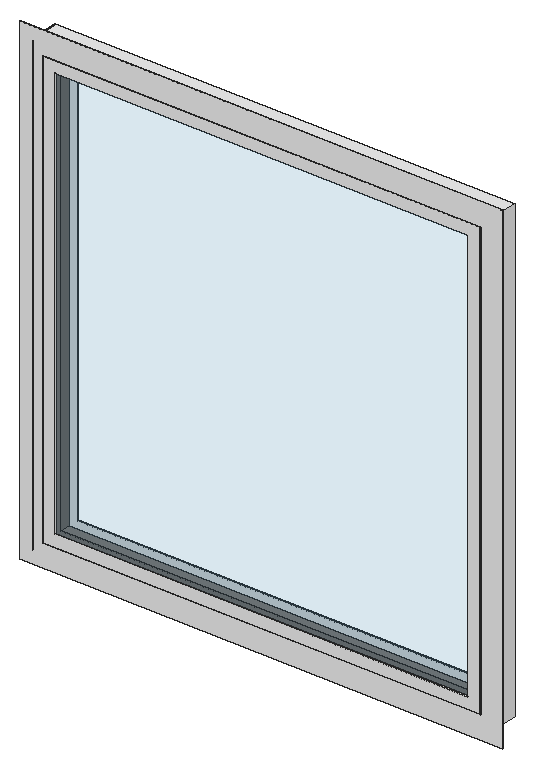
Revit family "Casement_30.5_D_Side_Hung_Standard", category Windows, host Wall, Revit 2014
Parameters (values of type "Casement_Sash_DG")
  Width Sash [instance] = 30 mm
  Width Sash Inner = 15 mm
  Width Bead = 15 mm
  Top Hung [instance] = yes
  Side Hung Right [instance] = yes
  Side Hung Left [instance] = yes
  Sash Opening Width [instance] = 600 mm
  Sash Opening Height [instance] = 600.312 mm
  Sash Lip = 15 mm
  Glazing Material [instance] = Glass
  DG Start Piece 2 [instance] = DG End Piece 1 + DG Gasket Thickness  # 25 mm
  DG Start Peice 1 [instance] = (Depth Sash - (2 * DG Glazing Thickness) - DG Gasket Thickness) / 2  # 6.6 mm
  Glazing Offset = 5 mm
  DG Glazing Thickness [instance] = 6.4 mm
  DG Gasket Thickness = 12 mm  # constant formula
  DG Gasket Material [instance] = Double Glazing Gasket Material
  DG End Piece 2 [instance] = DG Start Piece 2 + DG Glazing Thickness  # 31.4 mm
  DG End Piece 1 [instance] = DG Start Peice 1 + DG Glazing Thickness  # 13 mm
  Depth Sash [instance] = 38 mm
  Center Vertical Sash [instance] = Sash Opening Height / 2  # 300.156 mm
  Center Horizontal Sash [instance] = Sash Opening Width / 2  # 300 mm
  Bottom Hung [instance] = yes
  Bead Offset = 15 mm
  Aluminium Thickness = 1 mm
  Aluminium Material [instance] = White Powder Coated Aluminium
Reference planes
  plane 1 "Center (Front/Back)": y = 0
  plane 2: z = 0
  plane 3 "Center (Left/Right)": x = 0
Forms (mm)
  Sweep 1, solid, material "White Powder Coated Aluminium" <- "Aluminium Material"
    path origin (16.177, 0, 121.331) x (1, 0, 0) y (0, 0, 1)
      loop
        line (0, 0) -> (600, 0) -> (600, 600.312) -> (0, 600.312) -> (0, 0)
    profile origin (316.177, 0, 121.331) x (0, 0, 1) y (0, -1, 0)
      loop
        line (0, 0) -> (30, 0) -> (30, 1) -> (15, 1) -> (15, 38) -> (-15, 38) -> (-15, 37) -> (0, 37) -> (0, 0)
      loop
        line (14, 1) -> (14, 37) -> (1, 37) -> (1, 1) -> (14, 1)
  Sweep 2, solid, material "White Powder Coated Aluminium" <- "Aluminium Material"
    path origin (0, 0, 0) x (1, 0, 0) y (0, 0, 1)
      loop
        line (31.177, 706.643) -> (31.177, 136.331) -> (601.177, 136.331) -> (601.177, 706.643) -> (31.177, 706.643)
    profile origin (316.177, 0, 706.643) x (0, 0, 1) y (0, -1, 0)
      loop
        line (0, 37) -> (0, 38) -> (-15, 38) -> (-15, 37) -> (0, 37)
  Extrusion 3, solid, material "Glass" <- "Glazing Material"
    sketch origin (0, 0, 0) x (1, 0, 0) y (0, 0, 1)
      loop
        line (36.177, 701.643) -> (36.177, 141.331) -> (596.177, 141.331) -> (596.177, 701.643) -> (36.177, 701.643)
    from 6.6 <- "DG Start Peice 1" to 13 <- "DG End Piece 1"
  Extrusion 4, solid, material "Glass" <- "Glazing Material"
    sketch origin (0, 0, 0) x (1, 0, 0) y (0, 0, 1)
      loop
        line (36.177, 701.643) -> (36.177, 141.331) -> (596.177, 141.331) -> (596.177, 701.643) -> (36.177, 701.643)
    from 31.4 <- "DG End Piece 2" to 25 <- "DG Start Piece 2"
  Sweep 5, solid, material "Double Glazing Gasket Material" <- "DG Gasket Material"
    path origin (0, -13, 0) x (1, 0, 0) y (0, 0, 1)
      loop
        line (36.177, 701.643) -> (36.177, 141.331) -> (596.177, 141.331) -> (596.177, 701.643) -> (36.177, 701.643)
    profile origin (316.177, -13, 701.643) x (0, 0, 1) y (0, -1, 0)
      loop
        line (0, 0) -> (0, 12) -> (-7.96, 12) -> (-7.96, 0) -> (0, 0)
Lines and regions (mm)
  model lines
    curve 1: line (1.177, -38, 736.643) -> (31.177, -38, 706.643)
    curve 2: line (601.177, -38, 706.643) -> (631.177, -38, 736.643)
    curve 3: line (601.177, -38, 136.331) -> (631.177, -38, 106.331)
    curve 4: line (1.177, -38, 106.331) -> (31.177, -38, 136.331)
    curve 5: line (631.177, -37, 736.643) -> (616.177, -37, 721.643)
    curve 6: line (1.177, -37, 736.643) -> (16.177, -37, 721.643)
    curve 7: line (1.177, -37, 106.331) -> (16.177, -37, 121.331)
    curve 8: line (631.177, -37, 106.331) -> (616.177, -37, 121.331)
    curve 9: line (616.177, 0, 121.331) -> (586.177, 0, 151.331)
    curve 10: line (46.177, 0, 151.331) -> (16.177, 0, 121.331)
    curve 11: line (616.177, 0, 721.643) -> (586.177, 0, 691.643)
    curve 12: line (46.177, 0, 691.643) -> (16.177, 0, 721.643)
    curve 13: line (31.177, -38, 691.643) -> (46.177, -38, 691.643)
    curve 14: line (586.177, -38, 691.643) -> (601.177, -38, 691.643)
    curve 15: line (586.177, -38, 151.331) -> (601.177, -38, 151.331)
    curve 16: line (31.177, -38, 151.331) -> (46.177, -38, 151.331)
  model lines, style "GenericModelHiddenLines", visible <- "Top Hung"
    curve 17: line (46.386, -31.4, 690.914) -> (316.177, -31.4, 151.331)
    curve 18: line (316.177, -31.4, 151.331) -> (586.177, -31.4, 691.331)
  model lines, style "GenericModelHiddenLines", visible <- "Bottom Hung"
    curve 19: line (46.177, -31.4, 151.331) -> (316.177, -31.4, 691.331)
    curve 20: line (316.177, -31.4, 691.331) -> (586.177, -31.4, 151.331)
  model lines, style "GenericModelHiddenLines", visible <- "Side Hung Left"
    curve 21: line (46.386, -31.4, 690.914) -> (585.24, -31.4, 421.487)
    curve 22: line (585.24, -31.4, 421.487) -> (46.177, -31.4, 151.331)
  model lines, style "GenericModelHiddenLines", visible <- "Side Hung Right"
    curve 23: line (586.177, -31.4, 691.331) -> (46.177, -31.4, 421.487)
    curve 24: line (46.177, -31.4, 421.487) -> (586.177, -31.4, 151.331)
Dimensions and locks
  "Aluminium Thickness": Sweep 1 sketch curve to Sweep 1 sketch curve  (x4)
  "Depth Sash": Sweep 1 sketch curve to Sweep 1 sketch curve
  "Sash Opening Width": Sweep 1 to Sweep 1
  "Sash Opening Height": Sweep 1 to Sweep 1
  "Width Sash": Sweep 1 sketch curve to Sweep 1 sketch curve  (x2)
  "Width Sash Inner": Sweep 1 sketch curve to Sweep 1 sketch curve
  "Sash Lip": Sweep 1 sketch curve to Sweep 1 sketch curve
  "Aluminium Thickness": Sweep 1 to Sweep 2 sketch curve
  "Glazing Offset": Sweep 2 to Extrusion 3 sketch curve  (x3)
  "Glazing Offset": Extrusion 3 sketch curve to Sweep 2
  Sweep 1 to Sweep 1 = 1 mm
  "Aluminium Thickness": Sweep 2 sketch curve to Sweep 2 sketch curve
  "Width Bead": Sweep 2 sketch curve to Sweep 2 sketch curve
  locked: Sweep 5 sketch curve to Sweep 5 sketch curve at 7.96
  "Center Horizontal Sash": Sweep 1 to curve 18
  "Center Horizontal Sash": Sweep 1 to curve 20
  "Center Vertical Sash": Sweep 1 to curve 22
  "Center Vertical Sash": Sweep 1 to curve 24
  aligned and locked: level to plane 2
  aligned and locked: Sweep 1 sketch curve to Sweep 1 sketch curve  (x2)
  aligned and locked: Sweep 2 sketch curve to Sweep 1  (x5)
  aligned and locked: Extrusion 4 sketch curve to Extrusion 3  (x4)
  aligned and locked: Sweep 5 sketch curve to Extrusion 3  (x5)
  aligned and locked: Extrusion 3 to Sweep 5 sketch curve
Automatic sketch dimensions
  plane 3 "Center (Left/Right)" to Sweep 1 sketch curve = 16.177 mm
  level to Sweep 1 sketch curve = 121.331 mm
  plane 3 "Center (Left/Right)" to Sweep 1 sketch curve = 616.177 mm
  level to Sweep 1 sketch curve = 721.643 mm
  profile plane to Sweep 5 sketch curve = 12 mm
  curve 7 to Sweep 1 = 0 mm  (x4)
  curve 6 to Sweep 1 = 0 mm  (x3)
  Sweep 1 to curve 6 = 0 mm
  curve 5 to Sweep 1 = 0 mm  (x3)
  curve 8 to Sweep 1 = 0 mm  (x4)
  Sweep 1 to curve 5 = 0 mm
  curve 16 to Sweep 2 = 0 mm  (x3)
  curve 13 to Sweep 2 = 0 mm  (x3)
  curve 15 to Sweep 2 = 0 mm
  Sweep 2 to curve 15 = 0 mm  (x2)
  curve 14 to Sweep 2 = 0 mm  (x2)
  Sweep 2 to curve 14 = 0 mm
  curve 1 to Sweep 1 = 0 mm  (x4)
  curve 4 to Sweep 1 = 0 mm  (x3)
  Sweep 1 to curve 4 = 0 mm
  curve 3 to Sweep 1 = 0 mm  (x3)
  curve 2 to Sweep 1 = 0 mm  (x4)
  Sweep 1 to curve 3 = 0 mm
  curve 10 to Sweep 1 = 0 mm  (x4)
  curve 12 to Sweep 1 = 0 mm  (x3)
  Sweep 1 to curve 12 = 0 mm
  curve 9 to Sweep 1 = 0 mm  (x4)
  curve 11 to Sweep 1 = 0 mm  (x3)
  Sweep 1 to curve 11 = 0 mm
  Sweep 1 sketch curve to plane 1 "Center (Front/Back)" = 0 mm
  profile plane to Sweep 1 sketch curve = 0 mm
  curve 21 to Extrusion 4 = 10.208 mm
  curve 19 to Extrusion 4 = 10 mm
  curve 23 to Extrusion 4 = 10 mm  (x2)
  curve 22 to Extrusion 4 = 10.937 mm
  curve 20 to Extrusion 4 = 10 mm
  curve 24 to Extrusion 4 = 10 mm
  curve 22 to Extrusion 4 = 10 mm
  curve 18 to Extrusion 4 = 10 mm
  curve 21 to Extrusion 4 = 10.729 mm
  curve 19 to Extrusion 4 = 10.312 mm
  curve 18 to Extrusion 4 = 10.312 mm
Types in the file's own list only (6): name | Windload Design | Width Sash Opening | Width Sash | Width Profile | Width Panel 3 | Width Panel 1 | Width | URL | Offset Window Exterior | Max System DG Unit Thickness | Max System DG One Piece Thickness | Max Pane Area | Limit Fixed Pane Height Min | Limit Fixed Pane Height Max | Intruderprufe U Value | Intruderprufe SHGC Value | Intruderprufe LowE U Value | Intruderprufe LowE SHGC Value | Height | Energy Advantage U Value | Energy Advantage SHGC Value | DG Thickness Calc | DG Thickness | Custom Window Width | Custom Window Height | Window Exterior Offset | Custom Windload | Sash Width | Custom Sash Height | Sash Spacing Inner | Sash Overlap | Sash Center Offset | SG Gasket Thickness | Offset Sash Left | Offset Sash Top | Offset Panel 3 Bead Top | Offset Transom Top | Offset Bead SG Center Reversed | Model | Manufacturer | Limit Window Width Min | Limit Window Width Max | Limit Window Height Min | Limit Window Height Max | Limit Sash Width Min | Limit Sash Width Max | Limit Sash Height Min | Limit Sash Height Max | Length Transom | Height Sash Opening | Height Sash | Height Panel 3 | Height Panel 1 | Double Glazing | Description | Frame Center Offset | Depth Bead | Default Sill Height | Wall Closure | DG Gasket Finish | DG Extrusion Start | Clearvue U Value | Clearvue SHGC Value | Casement Dimension | Bead SG Gap | Area Pane Top | Area Pane Bottom
  305-0615S-1000Pa | 1000 mm | 544 mm | 514 mm | 30 mm | 530 mm | 530 mm | 590 mm | "http://www.crealco.co.za/crealco-products.php" | 15 mm | 18 mm | 3 mm | 0.51 m² | 200 mm | 1800 mm | 5.99 | 0.543 | 4.66 | 0.483 | 1490 mm | 4.77 | 0.513 | 3 mm | 3 mm | 590 mm | 1490 mm | 0 mm | 1000 mm | 544 mm | 1154 mm | 8 mm | 7 mm | 12 mm | 6 mm | 23 mm | 23 mm | 1200 mm | 1170 mm | 15 mm | "Casement 30.5" | "Crealco" | 346 mm | 646 mm | 1430 mm | 3030 mm | 300 mm | 600 mm | 300 mm | 1200 mm | 530 mm | 1154 mm | 1124 mm | 260 mm | 1140 mm | No | "Window 30.5mm, Type D side hung" | 15 mm | 17 mm | 800 mm | By host | Double Glazing Gasket Material | 5 mm | 6.12 | 0.572 | 31 mm | 13 mm | 0.51 m² | 0.13 m²
  305-0618S-1000Pa | 1000 mm | 544 mm | 514 mm | 30 mm | 530 mm | 530 mm | 590 mm | "http://www.crealco.co.za/crealco-products.php" | 15 mm | 18 mm | 3 mm | 0.51 m² | 200 mm | 1800 mm | 5.96 | 0.565 | 4.75 | 0.502 | 1790 mm | 4.68 | 0.533 | 3 mm | 3 mm | 590 mm | 1790 mm | 0 mm | 1000 mm | 544 mm | 1154 mm | 8 mm | 7 mm | 12 mm | 6 mm | 23 mm | 23 mm | 1200 mm | 1170 mm | 15 mm | "Casement 30.5" | "Crealco" | 346 mm | 646 mm | 1430 mm | 3030 mm | 300 mm | 600 mm | 300 mm | 1200 mm | 530 mm | 1154 mm | 1124 mm | 560 mm | 1140 mm | No | "Window 30.5mm, Type D side hung" | 15 mm | 17 mm | 800 mm | By host | Double Glazing Gasket Material | 5 mm | 6.1 | 0.595 | 31 mm | 13 mm | 0.51 m² | 0.29 m²
  305-0615S-1500Pa | 1500 mm | 544 mm | 514 mm | 30 mm | 530 mm | 530 mm | 590 mm | "http://www.crealco.co.za/crealco-products.php" | 15 mm | 18 mm | 3 mm | 0.51 m² | 200 mm | 1800 mm | 5.99 | 0.543 | 4.66 | 0.483 | 1490 mm | 4.77 | 0.513 | 3 mm | 3 mm | 590 mm | 1490 mm | 0 mm | 1500 mm | 544 mm | 1154 mm | 8 mm | 7 mm | 12 mm | 6 mm | 23 mm | 23 mm | 1200 mm | 1170 mm | 15 mm | "Casement 30.5" | "Crealco" | 346 mm | 646 mm | 1430 mm | 3030 mm | 300 mm | 600 mm | 300 mm | 1200 mm | 530 mm | 1154 mm | 1124 mm | 260 mm | 1140 mm | No | "Window 30.5mm, Type D side hung" | 15 mm | 17 mm | 800 mm | By host | Double Glazing Gasket Material | 5 mm | 6.12 | 0.572 | 31 mm | 13 mm | 0.51 m² | 0.13 m²
  305-0615S-2000Pa | 2000 mm | 544 mm | 514 mm | 30 mm | 530 mm | 530 mm | 590 mm | "http://www.crealco.co.za/crealco-products.php" | 15 mm | 18 mm | 3 mm | 0.51 m² | 200 mm | 1800 mm | 5.99 | 0.543 | 4.66 | 0.483 | 1490 mm | 4.77 | 0.513 | 3 mm | 3 mm | 590 mm | 1490 mm | 0 mm | 2000 mm | 544 mm | 1154 mm | 8 mm | 7 mm | 12 mm | 6 mm | 23 mm | 23 mm | 1200 mm | 1170 mm | 15 mm | "Casement 30.5" | "Crealco" | 346 mm | 646 mm | 1430 mm | 3030 mm | 300 mm | 600 mm | 300 mm | 1200 mm | 530 mm | 1154 mm | 1124 mm | 260 mm | 1140 mm | No | "Window 30.5mm, Type D side hung" | 15 mm | 17 mm | 800 mm | By host | Double Glazing Gasket Material | 5 mm | 6.12 | 0.572 | 31 mm | 13 mm | 0.51 m² | 0.13 m²
  305-0618S-1500Pa | 1500 mm | 544 mm | 514 mm | 30 mm | 530 mm | 530 mm | 590 mm | "http://www.crealco.co.za/crealco-products.php" | 15 mm | 18 mm | 3 mm | 0.51 m² | 200 mm | 1800 mm | 5.96 | 0.565 | 4.75 | 0.502 | 1790 mm | 4.68 | 0.533 | 3 mm | 3 mm | 590 mm | 1790 mm | 0 mm | 1500 mm | 544 mm | 1154 mm | 8 mm | 7 mm | 12 mm | 6 mm | 23 mm | 23 mm | 1200 mm | 1170 mm | 15 mm | "Casement 30.5" | "Crealco" | 346 mm | 646 mm | 1430 mm | 3030 mm | 300 mm | 600 mm | 300 mm | 1200 mm | 530 mm | 1154 mm | 1124 mm | 560 mm | 1140 mm | No | "Window 30.5mm, Type D side hung" | 15 mm | 17 mm | 800 mm | By host | Double Glazing Gasket Material | 5 mm | 6.1 | 0.595 | 31 mm | 13 mm | 0.51 m² | 0.29 m²
  305-0618S-2000Pa | 2000 mm | 544 mm | 514 mm | 30 mm | 530 mm | 530 mm | 590 mm | "http://www.crealco.co.za/crealco-products.php" | 15 mm | 18 mm | 3 mm | 0.51 m² | 200 mm | 1800 mm | 5.96 | 0.565 | 4.75 | 0.502 | 1790 mm | 4.68 | 0.533 | 3 mm | 3 mm | 590 mm | 1790 mm | 0 mm | 2000 mm | 544 mm | 1154 mm | 8 mm | 7 mm | 12 mm | 6 mm | 23 mm | 23 mm | 1200 mm | 1170 mm | 15 mm | "Casement 30.5" | "Crealco" | 346 mm | 646 mm | 1430 mm | 3030 mm | 300 mm | 600 mm | 300 mm | 1200 mm | 530 mm | 1154 mm | 1124 mm | 560 mm | 1140 mm | No | "Window 30.5mm, Type D side hung" | 15 mm | 17 mm | 800 mm | By host | Double Glazing Gasket Material | 5 mm | 6.1 | 0.595 | 31 mm | 13 mm | 0.51 m² | 0.29 m²
